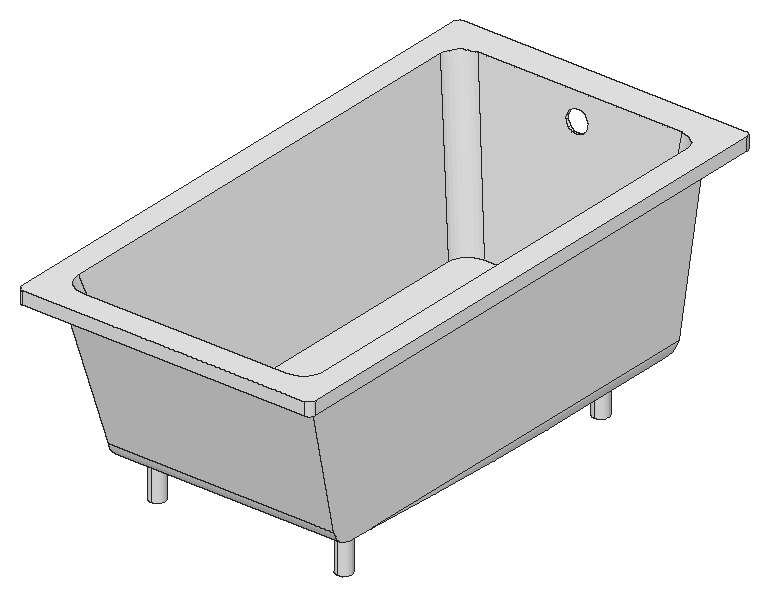
Revit family "Bathtub_Contemporary_FBY1550P_TOTO", category Plumbing Fixtures, host Face, Revit 2013
Parameters (values of type "FBY1550P")
  ecoScorecard_data = " "
  ecoScorecard Product Page = "  "
  Width = 31 1/2"
  Water Connection Radius = Waste Connection NPT / 2  # 1 1/8"
  Waste Connection NPT = 2 1/4"
  Warranty URL = "http://www.totousa.com/warranty-registration"
  Warranty = "Lifetime Limited Warranty"  # constant formula
  URL = "http://www.totousa.com"
  Toto BIM Number = "BM-00067"  # constant formula
  Subcategory = "Bathtubs"  # constant formula
  Style = "Contemporary"  # constant formula
  Spec Sheet URL = "http://assets.totousa.com/product-files/SS-00410_FBY1550P.pdf"
  Shipping Weight = 346.00 lbf
  Product Page URL = " "
  Owners Manual URL = "  "
  Model = "FBY1550P"  # constant formula
  Manufacturer Toll Free Phone = "1-888-295-8134"  # constant formula
  Manufacturer Phone = "(770) 282-8686"  # constant formula
  Manufacturer Fax = "(770) 282-0002"  # constant formula
  Manufacturer Email = "mailto:custservice@totousa.com "
  Manufacturer Address = "1155 Southern Road, Morrow, Georgia 30260"  # constant formula
  Manufacturer = "TOTO USA, Inc."  # constant formula
  Height = 23 1/4"
  Finish = Metal - TOTO - Chrome - Polished
  Description = "Enameled Cast Iron Bathtub"  # constant formula
  Depth = 59 1/16"
  Default Elevation = 48"
  Cost Info = "mailto:custservice@totousa.com "
  Color Availability = "#01  Cotton, #12  Sedona Beige"  # constant formula
  CAD Drawing URL = "http://assets.totousa.com/product-files/AD-00162_FBY1550P.dxf"
  Assembly Code = "D2010510"
  Ambient Temperature = ""
  ADA Compliant = yes
  95 CSI = "15410"
  04 CSI = "22 41 19"
Reference planes (in)
  plane 1 "Center (Front/Back)": y = 0
  plane 2: z = 0
  plane 3 "Center (Left/Right)": x = 0
Dimensions and locks (in)
  aligned and locked: plane 2 to host face
  aligned and locked: level to host face
  aligned and locked: plane 3 "Center (Left/Right)" to nested 1
  aligned and locked: nested 1 to plane 1 "Center (Front/Back)"
Nested families (in)
  nested 1: "FBY1550P" at (0, 0, 0) x (0, 1, 0) z (0, 0, 1), type "FBY1550P"
Connectors (in)
  piping at (-0.21875, 21.09375, 1.94871), driven by "Water Connection Radius"
    settings: on nested 1, index 1, connector radius 1 1/8", flow factor 0, pipe flow 0 GPM, pressure drop 0.00 psi, fitting loss kfactor 0, connector angle 0.00°, fixture units 0, engagement length 0", flow configuration 3, flow direction 2, fitting loss method 0, system type 16, joint type 0, gender type 0, connector reference index -1, connector utility 0, adjustable connector no, is connector primary yes, fitting loss table "", connector description "Waste Outlet Connection"
Definition of nested family "FBY1550P"
  Parameters (values of type "FBY1550P")
    ecoScorecard_data = ""
    ecoScorecard Product Page = ""
    Waste Connection Radius = Waste Connection NPT / 2  # 1 3/32"
    Waste Connection NPT = 2 3/16"
    Waste Connection = yes
    WFU = 0
    Vent Connection = yes
    URL = "http://www.totousa.com"
    Toto Version = "V.02"  # constant formula
    Toto BIM Number = "BM-00067"  # constant formula
    Subcategory = "Baths"  # constant formula
    Shipping Weight = 346.00 lbf
    Product URL = "http://www.totousa.com/ProductDetail/tabid/75/Default.aspx?ProductId=0e74afe2-2012-47df-9dc0-326905aaa404&SearchId=99d83913-cbb4-4725-af0c-39896b499d35"
    Nominal Width = 31 1/2"  # constant formula
    Nominal Length = 59 1/16"  # constant formula
    Nominal Height = 23 1/4"  # constant formula
    Model = "FBY1550P"
    Manufacturer = "TOTO USA, Inc."  # constant formula
    HWFU = 0
    HW Connection = no
    Description = "Enameled Cast Iron Bathtub"
    Default Elevation = 0"
    CWFU = 0
    CW Connection = no
    CADworks URL = "http://www.CADworks.net"
    Bathtub Material = Metal - TOTO - Chrome - Polished
    Assembly Code = "D2010510"
    ADA Compliant = yes
  Reference planes (in)
    plane 1 "Center (Front/Back)": y = 0
    plane 2: z = 0
    plane 3 "Center (Left/Right)": x = 0
    plane 4: z = 23.25
    plane 5: z = 21.8875
    plane 6 "Wall Closure": x = 29.53125
    plane 7: x = -29.53125
    plane 8: y = 15.75
    plane 9: y = -15.75
    plane 10: y = 10
    plane 11: y = -10
    plane 12: x = 16.53125
    plane 13: x = -17.90625
    plane 14: x = 21.09375
    plane 15: z = 20.5125
  Forms (in)
    Extrusion 1, solid
      sketch origin (0, 0, 0) x (1, 0, 0) y (0, 1, 0)
        loop
          line (-48, 48) -> (-48, -48) -> (48, -48) -> (48, 48) -> (-48, 48)
      from 0 to -12
    Extrusion 2, solid, material "Metal - TOTO - Chrome - Polished" <- "Bathtub Material", detail levels medium+fine
      sketch origin (-6, -180, 21.8875) x (-1, 0, 0) y (0, -1, 0)
        loop
          line (22.90625, -164.25) -> (-34.90625, -164.25)
          arc (-34.90625, -164.25) -> (-35.34819, -164.43306) -> (-35.53125, -164.875) r 0.625
          line (-35.53125, -164.875) -> (-35.53125, -195.125)
          arc (-35.53125, -195.125) -> (-35.34819, -195.56694) -> (-34.90625, -195.75) r 0.625
          line (-34.90625, -195.75) -> (22.90625, -195.75)
          arc (22.90625, -195.75) -> (23.34819, -195.56694) -> (23.53125, -195.125) r 0.625
          line (23.53125, -195.125) -> (23.53125, -164.875)
          arc (23.53125, -164.875) -> (23.34819, -164.43306) -> (22.90625, -164.25) r 0.625
      from 0 to 1.3625
    Extrusion 3, solid, material "Metal - TOTO - Chrome - Polished" <- "Bathtub Material", detail levels medium+fine
      sketch origin (0, 0, 0) x (1, 0, 0) y (0, 0, 1)
        loop
          line (-29.53125, 21.8875) -> (-29.53125, 0) -> (29.53125, 0) -> (29.53125, 21.8875) -> (-29.53125, 21.8875)
      from -15.75 to 15.75
    Extrusion 4, void
      sketch origin (0, 0, 0) x (1, 0, 0) y (0, 0, 1)
        loop
          line (-29.53125, 21.8875) -> (-29.53125, 0) -> (29.53125, 0) -> (29.53125, 21.8875) -> (26.28125, 21.8875) -> (24.49746, 4.32829)
          arc (24.49746, 4.32829) -> (23.72456, 2.84848) -> (22.14477, 2.30859) r 2.25
          line (22.14477, 2.30859) -> (-19.58794, 4.42969)
          arc (-19.58794, 4.42969) -> (-21.00543, 4.96054) -> (-21.85679, 6.21205) r 2.5
          line (-21.85679, 6.21205) -> (-26.53125, 21.8875) -> (-29.53125, 21.8875)
      from -15.75 to 15.75
    Extrusion 5, void
      sketch origin (0, 0, 0) x (0, 1, 0) y (0, 0, 1)
        loop
          line (15.75, 21.8875) -> (13.26982, 21.8875) -> (11.97336, 4.28473)
          arc (11.97336, 4.28473) -> (11.26089, 2.80161) -> (9.72944, 2.2) r 2.25
          line (9.72944, 2.2) -> (-9.72944, 2.2)
          arc (-9.72944, 2.2) -> (-11.26089, 2.80161) -> (-11.97336, 4.28473) r 2.25
          line (-11.97336, 4.28473) -> (-13.26982, 21.8875) -> (-15.75, 21.8875) -> (-15.75, 0) -> (15.75, 0) -> (15.75, 21.8875)
      from -29.53125 to 29.53125
    Extrusion 6, solid, material "Metal - TOTO - Chrome - Polished" <- "Bathtub Material", detail levels medium+fine
      sketch origin (0, 0, 0) x (1, 0, 0) y (0, 1, 0)
        loop
          circle (-17.90625, 10) r 0.8125
        loop
          circle (-17.90625, -10) r 0.8125
      from 0 to 4.45562
    Extrusion 7, solid, material "Metal - TOTO - Chrome - Polished" <- "Bathtub Material", detail levels medium+fine
      sketch origin (0, 0, 0) x (1, 0, 0) y (0, 1, 0)
        loop
          circle (16.53125, 10) r 0.8125
        loop
          circle (16.53125, -10) r 0.8125
      from 0 to 2.76913
    Revolve 8, solid, material "Metal - TOTO - Chrome - Polished" <- "Bathtub Material", detail levels medium+fine
      sketch origin (0, 0, 0) x (1, 0, 0) y (0, 0, 1)
        loop
          line (21.09375, 2.60024) -> (18.94221, 2.60024) -> (19.59375, 1.94871) -> (21.09375, 1.94871) -> (21.09375, 2.60024)
        axis (21.09375, 1.94871) -> (21.09375, 2.60024)
      angle from 0 to 360
    SweptBlend 9, void
      path origin (0, 0, 0) x (1, 0, 0) y (0, 0, 1)
        loop
          line (0, 23.25) -> (0, 4.84373)
      profile origin (0, 0, 23.25) x (0, -1, 0) y (1, 0, 0)
        loop
          arc (-13.1875, -24.53125) -> (-12.52849, -26.12224) -> (-10.9375, -26.78125) r 2.25
          line (-10.9375, -26.78125) -> (10.9375, -26.78125)
          arc (10.9375, -26.78125) -> (12.52849, -26.12224) -> (13.1875, -24.53125) r 2.25
          line (13.1875, -24.53125) -> (13.1875, 23.90625)
          arc (13.1875, 23.90625) -> (12.52849, 25.49724) -> (10.9375, 26.15625) r 2.25
          line (10.9375, 26.15625) -> (-10.9375, 26.15625)
          arc (-10.9375, 26.15625) -> (-12.52849, 25.49724) -> (-13.1875, 23.90625) r 2.25
          line (-13.1875, 23.90625) -> (-13.1875, -24.53125)
      end profile origin (0, 0, 4.84373) x (0, -1, 0) y (1, 0, 0)
        loop
          line (-10.875, 22.15625) -> (-10.875, -18.21875)
          arc (-10.875, -18.21875) -> (-10.2526, -19.72135) -> (-8.75, -20.34375) r 2.125
          line (-8.75, -20.34375) -> (8.75, -20.34375)
          arc (8.75, -20.34375) -> (10.2526, -19.72135) -> (10.875, -18.21875) r 2.125
          line (10.875, -18.21875) -> (10.875, 22.15625)
          arc (10.875, 22.15625) -> (10.2526, 23.65885) -> (8.75, 24.28125) r 2.125
          line (8.75, 24.28125) -> (-8.75, 24.28125)
          arc (-8.75, 24.28125) -> (-10.2526, 23.65885) -> (-10.875, 22.15625) r 2.125
    Extrusion 10, void
      sketch origin (0, 0, 0) x (0, 1, 0) y (1, 0, 0)
        loop
          circle (0, 21.09375) r 1.09375
      from 0 to -20.5125
    Extrusion 11, void
      sketch origin (29.53125, -180, 30.04284) x (0, 0, -1) y (0, -1, 0)
        loop
          circle (9.53034, -180) r 1.1811
      from 0 to 8.4375
    Extrusion 12, solid, material "Metal - TOTO - Chrome - Polished" <- "Bathtub Material", detail levels coarse
      sketch origin (-6, -180, 23.25) x (-1, 0, 0) y (0, -1, 0)
        loop
          line (22.90625, -164.25) -> (-34.90625, -164.25)
          arc (-34.90625, -164.25) -> (-35.34819, -164.43306) -> (-35.53125, -164.875) r 0.625
          line (-35.53125, -164.875) -> (-35.53125, -195.125)
          arc (-35.53125, -195.125) -> (-35.34819, -195.56694) -> (-34.90625, -195.75) r 0.625
          line (-34.90625, -195.75) -> (22.90625, -195.75)
          arc (22.90625, -195.75) -> (23.34819, -195.56694) -> (23.53125, -195.125) r 0.625
          line (23.53125, -195.125) -> (23.53125, -164.875)
          arc (23.53125, -164.875) -> (23.34819, -164.43306) -> (22.90625, -164.25) r 0.625
      from -23.25 to 0
  Cuts and joins
    Extrusion 4, Extrusion 5, SweptBlend 9, Extrusion 10, Extrusion 11 cuts Extrusion 2
    Extrusion 4, Extrusion 5, SweptBlend 9, Extrusion 10, Extrusion 11 cuts Extrusion 3
    Extrusion 10, Extrusion 11 cuts Extrusion 6
    Extrusion 10, Extrusion 11 cuts Extrusion 7
    Extrusion 10, Extrusion 11 cuts Revolve 8
    joined: Extrusion 2, Extrusion 3, Extrusion 6, Extrusion 7, Revolve 8
  Lines and regions (in)
    symbolic lines, detail levels medium+fine
      curve 1: arc (-26.78125, 10.9375, 23.25) -> (-26.12224, 12.52849, 23.25) -> (-24.53125, 13.1875, 23.25) r 2.25
      curve 2: line (-26.78125, -10.9375, 23.25) -> (-26.78125, 10.9375, 23.25)
      curve 3: arc (-24.53125, -13.1875, 23.25) -> (-26.12224, -12.52849, 23.25) -> (-26.78125, -10.9375, 23.25) r 2.25
      curve 4: line (23.90625, -13.1875, 23.25) -> (-24.53125, -13.1875, 23.25)
      curve 5: line (-24.53125, 13.1875, 23.25) -> (23.90625, 13.1875, 23.25)
      curve 6: arc (23.90625, 13.1875, 23.25) -> (25.49724, 12.52849, 23.25) -> (26.15625, 10.9375, 23.25) r 2.25
      curve 7: line (26.15625, 10.9375, 23.25) -> (26.15625, -10.9375, 23.25)
      curve 8: arc (26.15625, -10.9375, 23.25) -> (25.49724, -12.52849, 23.25) -> (23.90625, -13.1875, 23.25) r 2.25
      curve 9: arc (21.09375, 1.09375, 23.25) -> (22.1875, 0, 23.25) -> (21.09375, -1.09375, 23.25) r 1.09375
      curve 10: arc (21.09375, -1.09375, 23.25) -> (20, 0, 23.25) -> (21.09375, 1.09375, 23.25) r 1.09375
      curve 11: arc (-18.21875, 10.875, 23.25) -> (-19.72135, 10.2526, 23.25) -> (-20.34375, 8.75, 23.25) r 2.125
      curve 12: line (-20.34375, 8.75, 23.25) -> (-20.34375, -8.75, 23.25)
      curve 13: arc (-20.34375, -8.75, 23.25) -> (-19.72135, -10.2526, 23.25) -> (-18.21875, -10.875, 23.25) r 2.125
      curve 14: line (-18.21875, -10.875, 23.25) -> (22.15625, -10.875, 23.25)
      curve 15: arc (22.15625, -10.875, 23.25) -> (23.65885, -10.2526, 23.25) -> (24.28125, -8.75, 23.25) r 2.125
      curve 16: line (24.28125, -8.75, 23.25) -> (24.28125, 8.75, 23.25)
      curve 17: arc (24.28125, 8.75, 23.25) -> (23.65885, 10.2526, 23.25) -> (22.15625, 10.875, 23.25) r 2.125
      curve 18: line (22.15625, 10.875, 23.25) -> (-18.21875, 10.875, 23.25)
      curve 19: spline (25.99779, 0, 23.25) -> (25.99355, -0.30627, 23.25) -> (25.98145, -0.59138, 23.25) -> (25.9623, -0.83604, 23.25) -> (25.93741, -1.02367, 23.25) -> (25.90845, -1.14159, 23.25) -> (25.87739, -1.1818, 23.25) -> (25.84633, -1.14159, 23.25) -> (25.81737, -1.02367, 23.25) -> (25.79248, -0.83604, 23.25) -> (25.77333, -0.59138, 23.25) -> (25.76123, -0.30627, 23.25) -> (25.75699, 0, 23.25)
      curve 20: spline (25.75699, 0, 23.25) -> (25.76123, 0.30627, 23.25) -> (25.77333, 0.59138, 23.25) -> (25.79248, 0.83604, 23.25) -> (25.81737, 1.02367, 23.25) -> (25.84633, 1.14159, 23.25) -> (25.87739, 1.1818, 23.25) -> (25.90845, 1.14159, 23.25) -> (25.93741, 1.02367, 23.25) -> (25.9623, 0.83604, 23.25) -> (25.98145, 0.59138, 23.25) -> (25.99355, 0.30627, 23.25) -> (25.99779, 0, 23.25)
      curve 29: line (0, 15.75, 23.25) -> (0, -15.75, 23.25)
      curve 30: line (0, 15.75, 21.8875) -> (0, -15.75, 21.8875)
      curve 31: line (0, -11.97336, 4.28473) -> (0, -13.26982, 21.8875)
      curve 32: arc (0, -10.8125, 2.47782) -> (0, -11.62244, 3.23383) -> (0, -11.97336, 4.28473) r 2.25
      curve 33: arc (0, 11.97336, 4.28473) -> (0, 11.62244, 3.23383) -> (0, 10.8125, 2.47782) r 2.25
      curve 34: line (0, 13.26982, 21.8875) -> (0, 11.97336, 4.28473)
      curve 35: line (0, 9.1875, 2.31089) -> (0, 1.86042, 2.31089)
      curve 36: line (0, 10.8125, 0) -> (0, 10.8125, 4.35091)
      curve 37: line (0, 10.8125, 0) -> (0, 9.1875, 0)
      curve 38: line (0, 9.1875, 0) -> (0, 9.1875, 4.35091)
      curve 39: arc (0, 9.1875, 4.35091) -> (0, 10, 4.40561) -> (0, 10.8125, 4.35091) r 6.06199
      curve 40: line (0, -10.8125, 0) -> (0, -10.8125, 4.35091)
      curve 41: line (0, -10.8125, 0) -> (0, -9.1875, 0)
      curve 42: line (0, -9.1875, 0) -> (0, -9.1875, 4.35091)
      curve 43: arc (0, -9.1875, 4.35091) -> (0, -10, 4.40561) -> (0, -10.8125, 4.35091) r 6.06199
      curve 44: line (0, 1.5, 1.94871) -> (0, -1.5, 1.94871)
      curve 45: line (0, -1.5, 1.94871) -> (0, -1.91541, 2.36412)
      curve 46: spline (0, 1.91624, 2.36698) -> (0, 1.89985, 2.37968) -> (0, 1.85099, 2.39218) -> (0, 1.77047, 2.40424) -> (0, 1.65967, 2.41566) -> (0, 1.52048, 2.42626) -> (0, 1.35528, 2.43584) -> (0, 1.16688, 2.44425) -> (0, 0.9585, 2.45135) -> (0, 0.73368, 2.457) -> (0, 0.49627, 2.46112) -> (0, 0.25031, 2.46363) -> (0, 0, 2.4645)
      curve 47: spline (0, 0, 2.4645) -> (0, -0.26175, 2.46355) -> (0, -0.51852, 2.46081) -> (0, -0.76553, 2.45631) -> (0, -0.99817, 2.45015) -> (0, -1.21209, 2.44243) -> (0, -1.4033, 2.43331) -> (0, -1.56825, 2.42295) -> (0, -1.70384, 2.41155) -> (0, -1.80755, 2.39931) -> (0, -1.87745, 2.38647) -> (0, -1.91223, 2.37327) -> (0, -1.91124, 2.35995)
      curve 48: line (0, 1.5, 1.94871) -> (0, 1.91624, 2.36698)
      curve 49: line (0, -1.86219, 2.31089) -> (0, -9.20083, 2.31089)
      curve 50: line (29.53125, 0, 23.25) -> (-29.53125, 0, 23.25)
      curve 51: line (29.53125, 0, 21.8875) -> (-29.53125, 0, 21.8875)
      curve 52: line (-21.85679, 0, 6.21205) -> (-26.53125, 0, 21.8875)
      curve 53: arc (-19.58794, 0, 4.42969) -> (-21.00543, 0, 4.96054) -> (-21.85679, 0, 6.21205) r 2.5
      curve 54: line (22.14477, 0, 2.30859) -> (-19.58794, 0, 4.42969)
      curve 55: arc (24.49746, 0, 4.32829) -> (23.72456, 0, 2.84848) -> (22.14477, 0, 2.30859) r 2.25
      curve 56: line (26.28125, 0, 21.8875) -> (24.49746, 0, 4.32829)
      curve 57: line (19.59375, 0, 1.94871) -> (22.59375, 0, 1.94871)
      curve 58: line (19.59375, 0, 1.94871) -> (19.078, 0, 2.46446)
      curve 59: line (22.59375, 0, 1.94871) -> (23.12341, 0, 2.47837)
      curve 60: line (17.34375, 0, 0) -> (17.34375, 0, 2.5526)
      curve 61: line (17.34375, 0, 0) -> (15.71875, 0, 0)
      curve 62: line (15.71875, 0, 0) -> (15.71875, 0, 2.6352)
      curve 63: line (-18.71875, 0, 0) -> (-18.71875, 0, 4.38551)
      curve 64: line (-18.71875, 0, 0) -> (-17.09375, 0, 0)
      curve 65: line (-17.09375, 0, 0) -> (-17.09375, 0, 4.30292)
      curve 66: line (-29.53125, 0, 23.25) -> (-29.53125, 0, 21.8875)
      curve 67: line (29.53125, 0, 23.25) -> (29.53125, 0, 21.8875)
      curve 68: line (0, -15.75, 23.25) -> (0, -15.75, 21.8875)
      curve 69: line (0, 15.75, 23.25) -> (0, 15.75, 21.8875)
    symbolic lines
      curve 21: line (28.90625, 15.75, 23.25) -> (-28.90625, 15.75, 23.25)
      curve 22: arc (-28.90625, 15.75, 23.25) -> (-29.34819, 15.56694, 23.25) -> (-29.53125, 15.125, 23.25) r 0.625
      curve 23: line (-29.53125, 15.125, 23.25) -> (-29.53125, -15.125, 23.25)
      curve 24: arc (-29.53125, -15.125, 23.25) -> (-29.34819, -15.56694, 23.25) -> (-28.90625, -15.75, 23.25) r 0.625
      curve 25: line (-28.90625, -15.75, 23.25) -> (28.90625, -15.75, 23.25)
      curve 26: arc (28.90625, -15.75, 23.25) -> (29.34819, -15.56694, 23.25) -> (29.53125, -15.125, 23.25) r 0.625
      curve 27: line (29.53125, -15.125, 23.25) -> (29.53125, 15.125, 23.25)
      curve 28: arc (29.53125, 15.125, 23.25) -> (29.34819, 15.56694, 23.25) -> (28.90625, 15.75, 23.25) r 0.625
    symbolic lines, detail levels coarse
      curve 70: line (-29.53125, 0, 23.25) -> (29.53125, 0, 23.25)
      curve 71: line (-29.53125, 0, 0) -> (-29.53125, 0, 23.25)
      curve 72: line (29.53125, 0, 0) -> (-29.53125, 0, 0)
      curve 73: line (29.53125, 0, 23.25) -> (29.53125, 0, 0)
      curve 74: line (0, 15.75, 23.25) -> (0, -15.75, 23.25)
      curve 75: line (0, 15.75, 0) -> (0, 15.75, 23.25)
      curve 76: line (0, -15.75, 0) -> (0, 15.75, 0)
      curve 77: line (0, -15.75, 23.25) -> (0, -15.75, 0)
  Dimensions and locks (in)
    "Nominal Height": plane 4 to plane 2
    locked: plane 4 to plane 5 at 1.3625
    equal spacing: plane 7, plane 3 "Center (Left/Right)", plane 6 "Wall Closure"
    "Nominal Length": plane 7 to plane 6 "Wall Closure"
    equal spacing: plane 9, plane 1 "Center (Front/Back)", plane 8
    "Nominal Width": plane 9 to plane 8
    locked: plane 5 to Extrusion 4 sketch curve at 17.55921
    locked: plane 5 to Extrusion 4 sketch curve at 19.57891
    locked: plane 6 "Wall Closure" to Extrusion 4 sketch curve at 5.03379
    locked: plane 6 "Wall Closure" to Extrusion 4 sketch curve at 7.38648
    locked: plane 5 to Extrusion 5 sketch curve at 19.6875
    plane 11 to plane 1 "Center (Front/Back)" to plane 10 = 10" locked, 10" locked
    locked: plane 12 to plane 6 "Wall Closure" at 13
    locked: plane 13 to plane 12 at 34.4375
    locked: plane 10 to Extrusion 6 sketch curve at 0
    locked: plane 13 to Extrusion 6 sketch curve at 0  (x2)
    locked: plane 11 to Extrusion 6 sketch curve at 0
    locked: plane 10 to Extrusion 7 sketch curve at 0
    locked: plane 12 to Extrusion 7 sketch curve at 0  (x2)
    locked: Extrusion 7 sketch curve to plane 11 at 0
    locked: plane 14 to plane 6 "Wall Closure" at 8.4375
    locked: Revolve 8 sketch curve to plane 2 at 1.94871
    locked: Revolve 8 sketch curve to plane 2 at 2.60024
    locked: plane 14 to Revolve 8 sketch curve at 1.5
    locked: plane 14 to Revolve 8 sketch curve at 2.15154
    locked: Extrusion 7 to plane 2 at 2.76913
    locked: plane 7 to Extrusion 4 sketch curve at 3
    locked: plane 6 "Wall Closure" to Extrusion 4 sketch curve at 3.25
    locked: plane 7 to Extrusion 4 sketch curve at 7.67446
    locked: plane 7 to Extrusion 4 sketch curve at 9.94331
    Extrusion 4 sketch curve to Extrusion 4 sketch curve to plane 2 = 1.78236" locked, 4 55/128" locked
    locked: plane 9 to Extrusion 5 sketch curve at 2.48018
    locked: Extrusion 5 sketch curve to plane 8 at 2.48018
    locked: plane 5 to Extrusion 5 sketch curve at 17.60277  (x2)
    locked: plane 9 to Extrusion 5 sketch curve at 3.77664
    locked: Extrusion 5 sketch curve to plane 8 at 3.77664
    Extrusion 5 sketch curve to plane 1 "Center (Front/Back)" to Extrusion 5 sketch curve = 9.72944" locked, 9.72944" locked
    locked: SweptBlend 9 sketch curve to plane 2 at 4.84373
    locked: plane 7 to SweptBlend 9 sketch curve at 2.75
    locked: SweptBlend 9 sketch curve to plane 8 at 2.5625
    locked: plane 9 to SweptBlend 9 sketch curve at 2.5625
    locked: SweptBlend 9 sketch curve to plane 6 "Wall Closure" at 3.375
    locked: plane 7 to SweptBlend 9 sketch curve at 9.1875
    locked: SweptBlend 9 sketch curve to plane 6 "Wall Closure" at 5.25
    locked: plane 8 to SweptBlend 9 sketch curve at 4.875
    locked: plane 9 to SweptBlend 9 sketch curve at 4.875
    locked: plane 1 "Center (Front/Back)" to Extrusion 10 sketch curve at 0
    locked: Extrusion 10 sketch curve to plane 14 at 0
    locked: plane 4 to plane 15 at 2.7375
    locked: Extrusion 11 sketch curve to plane 1 "Center (Front/Back)" at 0
    locked: Extrusion 11 sketch curve to plane 15 at 0
    radius of Extrusion 2 sketch curve = 5/8"  (x4)
    radius of Extrusion 6 sketch curve = 13/16"  (x2)
    radius of Extrusion 7 sketch curve = 13/16"  (x2)
    radius of Extrusion 4 sketch curve = 2 1/2"
    radius of Extrusion 4 sketch curve = 2 1/4"
    radius of Extrusion 5 sketch curve = 2 1/4"  (x2)
    radius of SweptBlend 9 sketch curve = 2 1/4"  (x4)
    radius of SweptBlend 9 sketch curve = 2 1/8"  (x4)
    "Waste Connection Radius": radius of Extrusion 10 sketch curve
    radius of Extrusion 11 sketch curve = 1.1811"
    aligned and locked: plane 2 to Extrusion 1
    aligned and locked: level to Extrusion 1
    aligned and locked: plane 9 to Extrusion 2 sketch curve
    aligned and locked: plane 6 "Wall Closure" to Extrusion 2 sketch curve
    aligned and locked: Extrusion 2 to plane 5
    aligned and locked: plane 4 to Extrusion 2
    aligned and locked: Extrusion 2 to Extrusion 3 sketch curve
    aligned and locked: Extrusion 3 sketch curve to Extrusion 2
    aligned and locked: level to Extrusion 3 sketch curve
    aligned and locked: Extrusion 3 sketch curve to plane 6 "Wall Closure"
    aligned and locked: plane 9 to Extrusion 3
    aligned and locked: plane 8 to Extrusion 3
    aligned and locked: plane 6 "Wall Closure" to Extrusion 4 sketch curve
    aligned and locked: plane 7 to Extrusion 4 sketch curve
    aligned and locked: Extrusion 4 sketch curve to plane 2
    aligned and locked: plane 5 to Extrusion 4 sketch curve
    aligned and locked: Extrusion 5 sketch curve to plane 8
    aligned and locked: Extrusion 5 sketch curve to plane 9
    aligned and locked: plane 2 to Extrusion 5 sketch curve
    aligned and locked: Extrusion 6 to plane 2
    aligned and locked: Extrusion 7 to plane 2
    aligned and locked: Revolve 8 sketch curve to plane 14
    aligned and locked: plane 14 to Revolve 8 sketch curve
    aligned and locked: Extrusion 4 sketch curve to plane 5
    aligned and locked: Extrusion 5 sketch curve to plane 5
    aligned and locked: plane 5 to Extrusion 5 sketch curve
    aligned and locked: cut or joined group of Extrusion 2, Extrusion 3, Extrusion 4, Extrusion 5, Extrusion 6, Extrusion 7, Revolve 8, SweptBlend 9, Extrusion 10, Extrusion 11 to SweptBlend 9 sketch curve
    aligned and locked: SweptBlend 9 sketch curve to plane 3 "Center (Left/Right)"
    aligned and locked: Extrusion 10 to plane 2
    aligned and locked: plane 6 "Wall Closure" to Extrusion 11
    aligned and locked: Extrusion 11 to plane 14
    aligned and locked: plane 15 to Extrusion 10
    aligned and locked: curve 1 to cut or joined group of Extrusion 2, Extrusion 3, Extrusion 4, Extrusion 5, Extrusion 6, Extrusion 7, Revolve 8, SweptBlend 9, Extrusion 10, Extrusion 11
    aligned and locked: curve 3 to cut or joined group of Extrusion 2, Extrusion 3, Extrusion 4, Extrusion 5, Extrusion 6, Extrusion 7, Revolve 8, SweptBlend 9, Extrusion 10, Extrusion 11
    aligned and locked: curve 6 to cut or joined group of Extrusion 2, Extrusion 3, Extrusion 4, Extrusion 5, Extrusion 6, Extrusion 7, Revolve 8, SweptBlend 9, Extrusion 10, Extrusion 11
    aligned and locked: curve 8 to cut or joined group of Extrusion 2, Extrusion 3, Extrusion 4, Extrusion 5, Extrusion 6, Extrusion 7, Revolve 8, SweptBlend 9, Extrusion 10, Extrusion 11
    aligned and locked: curve 9 to cut or joined group of Extrusion 2, Extrusion 3, Extrusion 4, Extrusion 5, Extrusion 6, Extrusion 7, Revolve 8, SweptBlend 9, Extrusion 10, Extrusion 11
    aligned and locked: curve 10 to cut or joined group of Extrusion 2, Extrusion 3, Extrusion 4, Extrusion 5, Extrusion 6, Extrusion 7, Revolve 8, SweptBlend 9, Extrusion 10, Extrusion 11
    aligned and locked: curve 11 to cut or joined group of Extrusion 2, Extrusion 3, Extrusion 4, Extrusion 5, Extrusion 6, Extrusion 7, Revolve 8, SweptBlend 9, Extrusion 10, Extrusion 11
    aligned and locked: curve 13 to cut or joined group of Extrusion 2, Extrusion 3, Extrusion 4, Extrusion 5, Extrusion 6, Extrusion 7, Revolve 8, SweptBlend 9, Extrusion 10, Extrusion 11
    aligned and locked: curve 15 to cut or joined group of Extrusion 2, Extrusion 3, Extrusion 4, Extrusion 5, Extrusion 6, Extrusion 7, Revolve 8, SweptBlend 9, Extrusion 10, Extrusion 11
    aligned and locked: curve 17 to cut or joined group of Extrusion 2, Extrusion 3, Extrusion 4, Extrusion 5, Extrusion 6, Extrusion 7, Revolve 8, SweptBlend 9, Extrusion 10, Extrusion 11
    aligned and locked: plane 6 "Wall Closure" to Extrusion 5
    aligned and locked: plane 7 to Extrusion 5
    aligned and locked: Extrusion 12 to cut or joined group of Extrusion 2, Extrusion 3, Extrusion 4, Extrusion 5, Extrusion 6, Extrusion 7, Revolve 8, SweptBlend 9, Extrusion 10, Extrusion 11
  Automatic sketch dimensions
    Extrusion 1 sketch curve to Extrusion 1 sketch curve = 96"  (x2)
    Extrusion 2 sketch curve to plane 8 = 0"
    Extrusion 2 sketch curve to plane 7 = 0"
    Revolve 8 sketch curve to Revolve 8 sketch curve = 3/4"
    Revolve 8 sketch curve to Revolve 8 sketch curve = 1/2"
    curve 28 to plane 6 "Wall Closure" = 0"
    curve 28 to plane 8 = 0"
    plane 9 to curve 26 = 0"
    plane 1 "Center (Front/Back)" to curve 20 = 0"
    plane 1 "Center (Front/Back)" to curve 19 = 0"
    curve 23 to plane 7 = 0"
    curve 27 to curve 28 = 5/8"
    curve 26 to plane 6 "Wall Closure" = 5/8"
    curve 20 to plane 6 "Wall Closure" = 3.53346"
    curve 19 to curve 20 = 0.1204"
    curve 25 to plane 7 = 5/8"
    curve 21 to plane 7 = 5/8"
    curve 20 to plane 1 "Center (Front/Back)" = 1.1818"
    curve 19 to plane 1 "Center (Front/Back)" = 0.00627"
    plane 1 "Center (Front/Back)" to curve 20 = 0.00627"
    curve 20 to curve 19 = 1.17553"
    Extrusion 12 sketch curve to plane 6 "Wall Closure" = 0"
    Extrusion 12 sketch curve to plane 8 = 0"
    plane 9 to Extrusion 12 sketch curve = 0"
    Extrusion 12 sketch curve to plane 7 = 0"
    Extrusion 12 sketch curve to plane 6 "Wall Closure" = 5/8"  (x2)
    Extrusion 12 sketch curve to plane 7 = 5/8"  (x2)
    curve 72 to level = 0"
    curve 50 to plane 4 = 0"
    plane 7 to curve 50 = 0"
    curve 52 to plane 5 = 0"
    curve 63 to level = 0"
    curve 62 to level = 0"
    curve 67 to plane 6 "Wall Closure" = 0"
    curve 51 to curve 52 = 3"
    curve 52 to plane 13 = 3.95054"
    curve 54 to plane 13 = 1.68169"
    curve 53 to plane 13 = 1.55479"
    curve 63 to plane 13 = 13/16"
    plane 13 to curve 65 = 13/16"
    curve 62 to plane 12 = 13/16"
    plane 12 to curve 60 = 13/16"
    curve 60 to curve 58 = 1.73425"
    curve 58 to curve 58 = 0.51575"
    plane 14 to curve 55 = 1.05102"
    plane 14 to curve 55 = 1.16523"
    curve 55 to curve 59 = 0.44898"
    curve 57 to curve 59 = 0.52966"  (x2)
    curve 55 to curve 56 = 2.23848"
    curve 56 to curve 51 = 3 1/4"
    level to curve 57 = 1.94871"
    curve 57 to curve 54 = 0.35988"
    curve 57 to curve 58 = 0.51575"
    curve 54 to curve 52 = 1.78236"
    curve 77 to level = 0"
    curve 77 to plane 9 = 0"
    curve 31 to plane 5 = 0"
    curve 40 to level = 0"
    curve 43 to plane 11 = 0"
    curve 47 to plane 1 "Center (Front/Back)" = 0"
    curve 37 to level = 0"
    curve 39 to plane 10 = 0"
    curve 74 to plane 4 = 0"
    curve 74 to plane 8 = 0"
    curve 31 to plane 9 = 2.48018"
    plane 11 to curve 31 = 1.97336"
    plane 11 to curve 32 = 13/16"
    curve 32 to plane 11 = 0.27056"
    curve 49 to plane 11 = 0.79917"
    curve 32 to curve 43 = 0.54194"
    plane 1 "Center (Front/Back)" to curve 47 = 1.91624"
    curve 47 to curve 45 = 0.00083"
    curve 45 to curve 47 = 0.00417"
    curve 47 to curve 49 = 0.04906"
    curve 49 to curve 44 = 0.36219"
    plane 1 "Center (Front/Back)" to curve 46 = 0.00493"
    curve 47 to plane 1 "Center (Front/Back)" = 0.00493"
    curve 48 to plane 1 "Center (Front/Back)" = 1 1/2"
    curve 44 to curve 35 = 0.36042"
    curve 35 to curve 46 = 0.05581"
    curve 35 to plane 10 = 13/16"
    curve 33 to plane 10 = 0.27056"
    plane 10 to curve 36 = 13/16"
    curve 39 to curve 34 = 1.16086"
    curve 34 to curve 30 = 2.48018"
    curve 39 to level = 1.65638"
    curve 43 to level = 1.65638"
    level to curve 45 = 1.94871"
    curve 44 to curve 49 = 0.36219"
    curve 44 to curve 35 = 0.36219"
    curve 49 to curve 32 = 0.16693"
    curve 35 to curve 33 = 0.16693"
    curve 32 to curve 32 = 1.80691"
    curve 33 to curve 34 = 1.80691"
    curve 36 to curve 33 = 0.09909"
    curve 43 to curve 32 = 0.09909"
